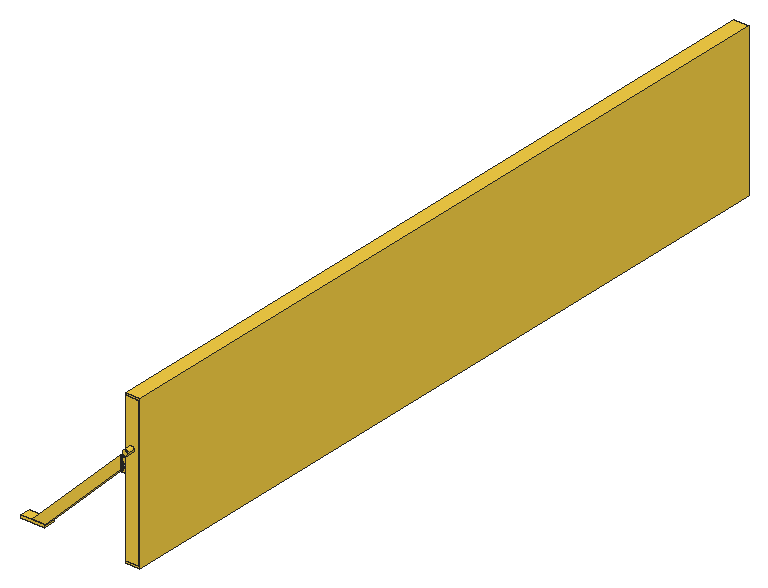
Revit family "EHL_STOPEND B 2x0,4_1860705", category Generic Models, Revit 2018
Family settings
  Can host rebar = No
  Round Connector Dimension = Use Diameter
  Part Type = Normal
  OmniClass Number = 35.51.14.00
  OmniClass Title = FORMWORK
  Work Plane-Based = Yes
  Always vertical = No
  Cut with Voids When Loaded = No
  Shared = Yes
  Room Calculation Point = No
Parameters
  VERSION = "20190101"  # constant formula
  URL = "www.ulmaconstruction.com/en"
  UNICLASS = ""
  Manufacturer = "ULMA CONSTRUCTION"  # constant formula
  ITEM_CODE = "1860705"
  FILTER [instance] = ""
  Default Elevation = 0.000 mm
  CLASSIFICATION_TITLE = ""
  CLASSIFICATION_NUMBER = ""
Reference planes
  plane 1 "Centro (Frontal/Posterior)": y = 0
  plane 2: z = 0
  plane 3 "Centro (Izquierda/Derecha)": x = 0
  plane 4 "STOPEND LENGTH": y = -2000
  plane 5 "STOPEND HEIGHT": z = 400
  plane 6 "01": x = -22
Forms (mm)
  Extrusion 1, solid, material "ULMA YELLOW", detail levels fine
    sketch origin (0, 0, 0) x (1, 0, 0) y (0, 0, 1)
      loop
        line (0, 400) -> (-37.502, 400) -> (-37.502, 394.996) -> (-2.5, 394.996) -> (-2.5, 5.004) -> (-37.502, 5.004) -> (-37.502, 0) -> (0, 0) -> (0, 400)
    from 0 to 2000
  Extrusion 2, solid, material "ULMA YELLOW", detail levels fine
    sketch origin (0, 0, 0) x (1, 0, 0) y (0, 1, 0)
      loop
        line (-6.5, -1965) -> (-6.5, -1996) -> (-37.502, -1996) -> (-37.502, -2000) -> (-2.5, -2000) -> (-2.5, -1965) -> (-6.5, -1965)
    from 5.004 to 394.996
  Extrusion 3, solid, material "ULMA YELLOW", detail levels fine
    sketch origin (0, 0, 0) x (1, 0, 0) y (0, 1, 0)
      loop
        line (-6.5, -4) -> (-6.5, -35) -> (-2.5, -35) -> (-2.5, 0) -> (-37.502, 0) -> (-37.502, -4) -> (-6.5, -4)
    from 5.004 to 394.996
  Extrusion 4, solid, material "ULMA YELLOW", detail levels fine
    sketch origin (0, 0, 0) x (0, 1, 0) y (0, 0, 1)
      loop
        line (-1996, 245.004) -> (-1996, 196.004) -> (-1961, 196.004) -> (-1961, 200.004) -> (-1992, 200.004) -> (-1992, 241.004) -> (-1961, 241.004) -> (-1961, 245.004) -> (-1996, 245.004)
    from -34.5 to -9.5
  Extrusion 5, solid, material "ULMA YELLOW", detail levels fine
    sketch origin (0, 0, 0) x (1, 0, 0) y (0, 1, 0)
      loop
        line (-4, -1317.5) -> (-4, -1327.5) -> (-37.502, -1327.5) -> (-37.502, -1342.5) -> (-4, -1342.5) -> (-4, -1352.5) -> (-2.5, -1352.5) -> (-2.5, -1317.5) -> (-4, -1317.5)
    from 5.004 to 394.996
  Extrusion 6, solid, material "ULMA YELLOW", detail levels fine
    sketch origin (0, 220, 0) x (1, 0, 0) y (0, 1, 0)
      loop
        line (-4, -867.5) -> (-4, -877.5) -> (-37.502, -877.5) -> (-37.502, -892.5) -> (-4, -892.5) -> (-4, -902.5) -> (-2.5, -902.5) -> (-2.5, -867.5) -> (-4, -867.5)
    from 5.004 to 394.996
  Extrusion 7, solid, material "ULMA ZINC", detail levels fine
    sketch origin (0, 0, 0) x (1, 0, 0) y (0, 1, 0)
      loop
        line (-13.5, -1968.457) -> (-22, -1963.55) -> (-30.5, -1968.457) -> (-30.5, -1977.543) -> (-22, -1982.45) -> (-13.5, -1977.543) -> (-13.5, -1968.457)
    from 189.004 to 196.004
  Extrusion 8, solid, material "ULMA ZINC", detail levels fine
    sketch origin (0, 0, 56) x (1, 0, 0) y (0, 1, 0)
      loop
        line (-13.5, -1968.457) -> (-22, -1963.55) -> (-30.5, -1968.457) -> (-30.5, -1977.543) -> (-22, -1982.45) -> (-13.5, -1977.543) -> (-13.5, -1968.457)
    from 189.004 to 196.004
  Extrusion 9, solid, material "ULMA YELLOW", detail levels fine
    sketch origin (0, 0, 0) x (1, 0, 0) y (0, 0, 1)
      loop
        circle (-22, 273) r 7
    from 2000 to 2020
  Extrusion 10, solid, material "ULMA YELLOW", detail levels fine
    sketch origin (0, 0, 0) x (1, 0, 0) y (0, 0, 1)
      loop
        line (-324, 5.992) -> (-324, 0) -> (-259, 0) -> (-259, 5.992) -> (-324, 5.992)
    from 1958 to 1988
  Extrusion 11, solid, material "ULMA YELLOW", detail levels fine
    sketch origin (0, 0, 0) x (1, 0, 0) y (0, 0, 1)
      loop
        line (-62, 238.347) -> (-294.355, 5.992) -> (-259.008, 5.992) -> (-62, 203) -> (-62, 238.347)
    from 1960.5 to 1985.5
  Extrusion 12, solid, material "ULMA ZINC", detail levels fine
    sketch origin (0, 0, 0) x (1, 0, 0) y (0, 0, 1)
      loop
        line (-12, 200.504) -> (-12, 240.504) -> (-32, 240.504) -> (-32, 230.504) -> (-42, 230.504)
        arc (-42, 230.504) -> (-51.998, 220.696) -> (-42.4, 210.504) r 10
        line (-42.4, 210.504) -> (-32, 210.504) -> (-32, 200.504) -> (-12, 200.504)
    from 1983 to 1963
  Extrusion 13, solid, material "ULMA YELLOW", detail levels fine
    sketch origin (0, 0, 0) x (1, 0, 0) y (0, 1, 0)
      loop
        line (-30, -1962) -> (-30, -1958) -> (-55, -1958)
        arc (-55, -1958) -> (-59.95, -1960.05) -> (-62, -1965) r 7
        line (-62, -1965) -> (-62, -1981)
        arc (-62, -1981) -> (-59.95, -1985.95) -> (-55, -1988) r 7
        line (-55, -1988) -> (-30, -1988) -> (-30, -1984) -> (-55, -1984)
        arc (-55, -1984) -> (-57.121, -1983.121) -> (-58, -1981) r 3
        line (-58, -1981) -> (-58, -1965)
        arc (-58, -1965) -> (-57.121, -1962.879) -> (-55, -1962) r 3
        line (-55, -1962) -> (-30, -1962)
    from 203 to 238
  Extrusion 14, solid, material "ULMA ZINC", detail levels fine
    sketch origin (0, 0, 0) x (1, 0, 0) y (0, 0, 1)
      loop
        circle (-42, 220.504) r 7
    from 1956 to 1990
  Extrusion 15, solid, material "ULMA ZINC", detail levels fine
    sketch origin (0, 668.5, 0) x (1, 0, 0) y (0, 1, 0)
      loop
        line (-13.5, -1968.457) -> (-22, -1963.55) -> (-30.5, -1968.457) -> (-30.5, -1977.543) -> (-22, -1982.45) -> (-13.5, -1977.543) -> (-13.5, -1968.457)
    from 189.004 to 196.004
  Extrusion 16, solid, material "ULMA ZINC", detail levels fine
    sketch origin (0, 668.5, 56) x (1, 0, 0) y (0, 1, 0)
      loop
        line (-13.5, -1968.457) -> (-22, -1963.55) -> (-30.5, -1968.457) -> (-30.5, -1977.543) -> (-22, -1982.45) -> (-13.5, -1977.543) -> (-13.5, -1968.457)
    from 189.004 to 196.004
  Extrusion 17, solid, material "ULMA YELLOW", detail levels fine
    sketch origin (0, 668.5, 0) x (1, 0, 0) y (0, 0, 1)
      loop
        line (-324, 5.992) -> (-324, 0) -> (-259, 0) -> (-259, 5.992) -> (-324, 5.992)
    from 1958 to 1988
  Extrusion 18, solid, material "ULMA YELLOW", detail levels fine
    sketch origin (0, 668.5, 0) x (1, 0, 0) y (0, 0, 1)
      loop
        line (-62, 238.347) -> (-294.355, 5.992) -> (-259.008, 5.992) -> (-62, 203) -> (-62, 238.347)
    from 1960.5 to 1985.5
  Extrusion 19, solid, material "ULMA ZINC", detail levels fine
    sketch origin (0, 668.5, 0) x (1, 0, 0) y (0, 0, 1)
      loop
        line (-12, 200.504) -> (-12, 240.504) -> (-32, 240.504) -> (-32, 230.504) -> (-42, 230.504)
        arc (-42, 230.504) -> (-51.998, 220.696) -> (-42.4, 210.504) r 10
        line (-42.4, 210.504) -> (-32, 210.504) -> (-32, 200.504) -> (-12, 200.504)
    from 1983 to 1963
  Extrusion 20, solid, material "ULMA YELLOW", detail levels fine
    sketch origin (0, 668.5, 0) x (1, 0, 0) y (0, 1, 0)
      loop
        line (-30, -1962) -> (-30, -1958) -> (-55, -1958)
        arc (-55, -1958) -> (-59.95, -1960.05) -> (-62, -1965) r 7
        line (-62, -1965) -> (-62, -1981)
        arc (-62, -1981) -> (-59.95, -1985.95) -> (-55, -1988) r 7
        line (-55, -1988) -> (-30, -1988) -> (-30, -1984) -> (-55, -1984)
        arc (-55, -1984) -> (-57.121, -1983.121) -> (-58, -1981) r 3
        line (-58, -1981) -> (-58, -1965)
        arc (-58, -1965) -> (-57.121, -1962.879) -> (-55, -1962) r 3
        line (-55, -1962) -> (-30, -1962)
    from 203 to 238
  Extrusion 21, solid, material "ULMA ZINC", detail levels fine
    sketch origin (0, 668.5, 0) x (1, 0, 0) y (0, 0, 1)
      loop
        circle (-42, 220.504) r 7
    from 1956 to 1990
  Extrusion 22, solid, material "ULMA YELLOW", detail levels fine
    sketch origin (0, 668.5, 0) x (0, 1, 0) y (0, 0, 1)
      loop
        line (-1996, 245.004) -> (-1996, 196.004) -> (-1961, 196.004) -> (-1961, 200.004) -> (-1992, 200.004) -> (-1992, 241.004) -> (-1961, 241.004) -> (-1961, 245.004) -> (-1996, 245.004)
    from -34.5 to -9.5
  Extrusion 23, solid, material "ULMA ZINC", detail levels fine
    sketch origin (0, 1338.5, 0) x (1, 0, 0) y (0, 1, 0)
      loop
        line (-13.5, -1968.457) -> (-22, -1963.55) -> (-30.5, -1968.457) -> (-30.5, -1977.543) -> (-22, -1982.45) -> (-13.5, -1977.543) -> (-13.5, -1968.457)
    from 189.004 to 196.004
  Extrusion 24, solid, material "ULMA ZINC", detail levels fine
    sketch origin (0, 1338.5, 56) x (1, 0, 0) y (0, 1, 0)
      loop
        line (-13.5, -1968.457) -> (-22, -1963.55) -> (-30.5, -1968.457) -> (-30.5, -1977.543) -> (-22, -1982.45) -> (-13.5, -1977.543) -> (-13.5, -1968.457)
    from 189.004 to 196.004
  Extrusion 25, solid, material "ULMA YELLOW", detail levels fine
    sketch origin (0, 1338.5, 0) x (1, 0, 0) y (0, 0, 1)
      loop
        line (-324, 5.992) -> (-324, 0) -> (-259, 0) -> (-259, 5.992) -> (-324, 5.992)
    from 1958 to 1988
  Extrusion 26, solid, material "ULMA YELLOW", detail levels fine
    sketch origin (0, 1338.5, 0) x (1, 0, 0) y (0, 0, 1)
      loop
        line (-62, 238.347) -> (-294.355, 5.992) -> (-259.008, 5.992) -> (-62, 203) -> (-62, 238.347)
    from 1960.5 to 1985.5
  Extrusion 27, solid, material "ULMA ZINC", detail levels fine
    sketch origin (0, 1338.5, 0) x (1, 0, 0) y (0, 0, 1)
      loop
        line (-12, 200.504) -> (-12, 240.504) -> (-32, 240.504) -> (-32, 230.504) -> (-42, 230.504)
        arc (-42, 230.504) -> (-51.998, 220.696) -> (-42.4, 210.504) r 10
        line (-42.4, 210.504) -> (-32, 210.504) -> (-32, 200.504) -> (-12, 200.504)
    from 1983 to 1963
  Extrusion 28, solid, material "ULMA YELLOW", detail levels fine
    sketch origin (0, 1338.5, 0) x (1, 0, 0) y (0, 1, 0)
      loop
        line (-30, -1962) -> (-30, -1958) -> (-55, -1958)
        arc (-55, -1958) -> (-59.95, -1960.05) -> (-62, -1965) r 7
        line (-62, -1965) -> (-62, -1981)
        arc (-62, -1981) -> (-59.95, -1985.95) -> (-55, -1988) r 7
        line (-55, -1988) -> (-30, -1988) -> (-30, -1984) -> (-55, -1984)
        arc (-55, -1984) -> (-57.121, -1983.121) -> (-58, -1981) r 3
        line (-58, -1981) -> (-58, -1965)
        arc (-58, -1965) -> (-57.121, -1962.879) -> (-55, -1962) r 3
        line (-55, -1962) -> (-30, -1962)
    from 203 to 238
  Extrusion 29, solid, material "ULMA ZINC", detail levels fine
    sketch origin (0, 1338.5, 0) x (1, 0, 0) y (0, 0, 1)
      loop
        circle (-42, 220.504) r 7
    from 1956 to 1990
  Extrusion 30, solid, material "ULMA YELLOW", detail levels fine
    sketch origin (0, 1338.5, 0) x (0, 1, 0) y (0, 0, 1)
      loop
        line (-1996, 245.004) -> (-1996, 196.004) -> (-1961, 196.004) -> (-1961, 200.004) -> (-1992, 200.004) -> (-1992, 241.004) -> (-1961, 241.004) -> (-1961, 245.004) -> (-1996, 245.004)
    from -34.5 to -9.5
  Extrusion 31, solid, material "ULMA YELLOW", detail levels fine
    sketch origin (0, 0, 0) x (0, 1, 0) y (0, 0, 1)
      loop
        line (-14, 94.996) -> (-64, 94.996) -> (-64, 44.996) -> (-14, 44.996) -> (-14, 94.996)
      loop
        line (-17, 91.996) -> (-61, 91.996) -> (-61, 47.996) -> (-17, 47.996) -> (-17, 91.996)
    from -37.502 to -6.5
  Sweep 32, solid, material "ULMA ZINC", detail levels fine
    path in 3D
      loop
        line (-22, 15, 69.996) -> (-22, -102, 69.996)
        arc (-22, -102, 69.996) -> (-22, -116.849, 63.845) -> (-22, -123, 48.996) r 21
        line (-22, -123, 48.996) -> (-22, -123, 19.996)
    profile origin (-22, -43.5, 69.996) x (0, 0, 1) y (-1, 0, 0)
      loop
        circle (0, 0) r 7
  Extrusion 33, solid, material "ULMA YELLOW", detail levels coarse+medium
    sketch origin (0, 0, 0) x (1, 0, 0) y (0, 0, 1)
      loop
        line (-37.502, 400) -> (-37.502, 0) -> (0, 0) -> (0, 400) -> (-37.502, 400)
    from 0 to 2000
  Extrusion 34, solid, material "ULMA YELLOW", detail levels coarse+medium
    sketch origin (0, 0, 0) x (1, 0, 0) y (0, 0, 1)
      loop
        line (-62.347, 238) -> (-300.347, 0) -> (-265, 0) -> (-62, 203) -> (-37.502, 203) -> (-37.502, 238) -> (-62.347, 238)
    from 622 to 647
  Extrusion 35, solid, material "ULMA YELLOW", detail levels coarse+medium
    sketch origin (0, 0, 0) x (1, 0, 0) y (0, 0, 1)
      loop
        line (-62.347, 238) -> (-300.347, 0) -> (-265, 0) -> (-62, 203) -> (-37.502, 203) -> (-37.502, 238) -> (-62.347, 238)
    from 1960.5 to 1985.5
  Extrusion 36, solid, material "ULMA YELLOW", detail levels coarse+medium
    sketch origin (0, 668.5, 0) x (1, 0, 0) y (0, 0, 1)
      loop
        line (-62.347, 238) -> (-300.347, 0) -> (-265, 0) -> (-62, 203) -> (-37.502, 203) -> (-37.502, 238) -> (-62.347, 238)
    from 1960.5 to 1985.5
Lines and regions (mm)
  reference lines
    curve 1: line (-22, 15, 69.996) -> (-22, -102, 69.996)
    curve 2: line (-22, -123, 19.996) -> (-22, -123, 48.996)
    curve 3: arc (-22, -123, 48.996) -> (-22, -116.849, 63.845) -> (-22, -102, 69.996) r 21
  sketch lines
    curve 4: line (-22, 15, 69.996) -> (-22, -102, 69.996)
    curve 5: arc (-22, -123, 48.996) -> (-22, -116.849, 63.845) -> (-22, -102, 69.996) r 21
    curve 6: line (-22, -123, 19.996) -> (-22, -123, 48.996)
Dimensions and locks
  locked: Extrusion 1 sketch curve to plane 2 at 5.004
  locked: plane 5 "STOPEND HEIGHT" to Extrusion 1 sketch curve at 5.004
  Extrusion 2 sketch curve to Extrusion 2 sketch curve to Extrusion 2 sketch curve = 31.002 mm locked, 4.000 mm locked
  Extrusion 2 sketch curve to Extrusion 2 sketch curve to Extrusion 1 = 31.000 mm locked, 4.000 mm locked
  Extrusion 3 sketch curve to Extrusion 3 sketch curve to Extrusion 3 sketch curve = 4.000 mm locked, 31.000 mm locked
  Extrusion 3 sketch curve to Extrusion 3 sketch curve to Extrusion 3 sketch curve = 31.002 mm locked, 4.000 mm locked
  Extrusion 5 sketch curve to Extrusion 5 sketch curve to Extrusion 5 sketch curve to Extrusion 5 sketch curve = 10.000 mm locked, 15.000 mm locked, 10.000 mm locked
  Extrusion 5 sketch curve to Extrusion 5 sketch curve = 15.000 mm
  Extrusion 6 sketch curve to Extrusion 6 sketch curve to Extrusion 6 sketch curve to Extrusion 6 sketch curve = 10.000 mm locked, 15.000 mm locked, 10.000 mm locked
  Extrusion 6 sketch curve to Extrusion 6 sketch curve = 15.000 mm
  locked: Extrusion 9 sketch curve to plane 2 at 273
  aligned and locked: level to plane 2
  aligned and locked: Extrusion 1 to plane 1 "Centro (Frontal/Posterior)"
  aligned and locked: Extrusion 1 to plane 4 "STOPEND LENGTH"
  aligned and locked: plane 5 "STOPEND HEIGHT" to Extrusion 1
  aligned and locked: Extrusion 2 to Extrusion 1  (x3)
  aligned and locked: Extrusion 2 to plane 4 "STOPEND LENGTH"
  aligned and locked: Extrusion 3 to Extrusion 1  (x3)
  aligned and locked: Extrusion 3 to plane 1 "Centro (Frontal/Posterior)"
  aligned and locked: Extrusion 5 to Extrusion 2  (x2)
  aligned and locked: Extrusion 8 to Extrusion 4
  aligned and locked: Extrusion 7 to Extrusion 4
  aligned and locked: Extrusion 6 to Extrusion 2
  aligned and locked: Extrusion 2 to Extrusion 9
  aligned and locked: Extrusion 22 to Extrusion 5
  aligned and locked: Extrusion 2 to Extrusion 31
  aligned and locked: Extrusion 31 to Extrusion 3
  aligned and locked: Extrusion 4 to Extrusion 2
  aligned and locked: Extrusion 30 to Extrusion 6
  aligned and locked: Extrusion 33 to plane 2
  aligned and locked: plane 5 "STOPEND HEIGHT" to Extrusion 33
  aligned and locked: Extrusion 33 to plane 4 "STOPEND LENGTH"
  aligned and locked: Extrusion 34 to Extrusion 26  (x2)
  aligned and locked: Extrusion 35 to Extrusion 11  (x2)
